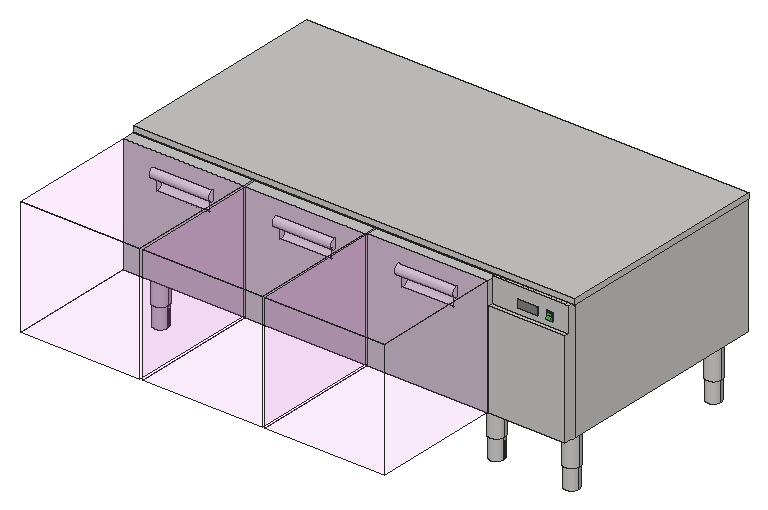
Revit family "QF_ZANUSSI_392601_Z9TTAECOMKNE", category Specialty Equipment, Revit 2021 (continued)
Automatic sketch dimensions
  Split face 33 sketch curve to Split face 33 sketch curve = 0.02 mm  (x2)
  Split face 33 sketch curve to Split face 33 sketch curve = 31.959 mm
  Split face 33 sketch curve to Extrusion 4 = 82.999 mm
  Split face 33 sketch curve to Split face 33 sketch curve = 4 mm
  Split face 34 sketch curve to Extrusion 4 = 94 mm
  Split face 34 sketch curve to Split face 34 sketch curve = 0.02 mm  (x2)
  Split face 34 sketch curve to Split face 34 sketch curve = 31.959 mm
  Split face 34 sketch curve to Extrusion 4 = 71 mm
  Split face 34 sketch curve to Split face 34 sketch curve = 4 mm
  Split face 35 sketch curve to Extrusion 4 = 94 mm
  Split face 35 sketch curve to Split face 35 sketch curve = 0.02 mm  (x2)
  Split face 35 sketch curve to Split face 35 sketch curve = 31.959 mm
  Split face 35 sketch curve to Extrusion 4 = 59 mm
  Split face 35 sketch curve to Split face 35 sketch curve = 4 mm
  Split face 36 sketch curve to Extrusion 4 = 94 mm
  Split face 36 sketch curve to Split face 36 sketch curve = 0.02 mm  (x2)
  Split face 36 sketch curve to Split face 36 sketch curve = 31.959 mm
  Split face 36 sketch curve to Extrusion 4 = 47 mm
  Split face 36 sketch curve to Split face 36 sketch curve = 4 mm
  Split face 37 sketch curve to Extrusion 4 = 31 mm
  Split face 37 sketch curve to Extrusion 4 = 94 mm
  Split face 37 sketch curve to Split face 37 sketch curve = 0.02 mm  (x2)
  Split face 37 sketch curve to Split face 37 sketch curve = 31.959 mm
  Split face 37 sketch curve to Split face 37 sketch curve = 4 mm
  Split face 38 sketch curve to Extrusion 4 = 19 mm
  Split face 38 sketch curve to Extrusion 4 = 94 mm
  Split face 38 sketch curve to Split face 38 sketch curve = 0.02 mm  (x2)
  Split face 38 sketch curve to Split face 38 sketch curve = 31.959 mm
  Split face 38 sketch curve to Split face 38 sketch curve = 4 mm
  Split face 39 sketch curve to Extrusion 4 = 94 mm
  Split face 39 sketch curve to Split face 39 sketch curve = 0.02 mm  (x2)
  Split face 39 sketch curve to Split face 39 sketch curve = 31.959 mm
  Split face 39 sketch curve to Extrusion 4 = 130.896 mm
  Split face 39 sketch curve to Split face 39 sketch curve = 4 mm
  Split face 40 sketch curve to Extrusion 4 = 94 mm
  Split face 40 sketch curve to Split face 40 sketch curve = 0.02 mm  (x2)
  Split face 40 sketch curve to Split face 40 sketch curve = 31.959 mm
  Split face 40 sketch curve to Extrusion 4 = 118.208 mm
  Split face 40 sketch curve to Split face 40 sketch curve = 4 mm
  Split face 41 sketch curve to Extrusion 4 = 94 mm
  Split face 41 sketch curve to Split face 41 sketch curve = 0.02 mm  (x2)
  Split face 41 sketch curve to Split face 41 sketch curve = 31.959 mm
  Split face 41 sketch curve to Extrusion 4 = 130.208 mm
  Split face 41 sketch curve to Split face 41 sketch curve = 4 mm
  Split face 42 sketch curve to Extrusion 4 = 94 mm
  Split face 42 sketch curve to Split face 42 sketch curve = 0.02 mm  (x2)
  Split face 42 sketch curve to Split face 42 sketch curve = 31.959 mm
  Split face 42 sketch curve to Extrusion 4 = 142.208 mm
  Split face 42 sketch curve to Split face 42 sketch curve = 4 mm
  Split face 43 sketch curve to Extrusion 4 = 94 mm
  Split face 43 sketch curve to Split face 43 sketch curve = 0.02 mm  (x2)
  Split face 43 sketch curve to Split face 43 sketch curve = 31.959 mm
  Split face 43 sketch curve to Extrusion 4 = 154.896 mm
  Split face 43 sketch curve to Split face 43 sketch curve = 4 mm
  Split face 44 sketch curve to Extrusion 4 = 94 mm
  Split face 44 sketch curve to Split face 44 sketch curve = 0.02 mm  (x2)
  Split face 44 sketch curve to Split face 44 sketch curve = 31.959 mm
  Split face 44 sketch curve to Extrusion 4 = 142.896 mm
  Split face 44 sketch curve to Split face 44 sketch curve = 4 mm
  Split face 45 sketch curve to Extrusion 4 = 94 mm
  Split face 45 sketch curve to Split face 45 sketch curve = 0.02 mm  (x2)
  Split face 45 sketch curve to Split face 45 sketch curve = 31.959 mm
  Split face 45 sketch curve to Extrusion 4 = 106.208 mm
  Split face 45 sketch curve to Split face 45 sketch curve = 4 mm
  Split face 46 sketch curve to Extrusion 4 = 14.312 mm
  Split face 46 sketch curve to Extrusion 4 = 94 mm
  Split face 46 sketch curve to Split face 46 sketch curve = 0.02 mm  (x2)
  Split face 46 sketch curve to Extrusion 4 = 10.312 mm
  Split face 46 sketch curve to Split face 46 sketch curve = 31.959 mm
  Split face 47 sketch curve to Extrusion 4 = 26.312 mm
  Split face 47 sketch curve to Extrusion 4 = 94 mm
  Split face 47 sketch curve to Split face 47 sketch curve = 0.02 mm  (x2)
  Split face 47 sketch curve to Split face 47 sketch curve = 31.959 mm
  Split face 47 sketch curve to Split face 47 sketch curve = 4 mm
  Split face 48 sketch curve to Extrusion 4 = 38.311 mm
  Split face 48 sketch curve to Extrusion 4 = 94 mm
  Split face 48 sketch curve to Split face 48 sketch curve = 0.02 mm  (x2)
  Split face 48 sketch curve to Split face 48 sketch curve = 31.959 mm
  Split face 48 sketch curve to Split face 48 sketch curve = 4 mm
  Split face 49 sketch curve to Extrusion 4 = 94 mm
  Split face 49 sketch curve to Split face 49 sketch curve = 0.02 mm  (x2)
  Split face 49 sketch curve to Split face 49 sketch curve = 31.959 mm
  Split face 49 sketch curve to Extrusion 4 = 46.209 mm
  Split face 49 sketch curve to Split face 49 sketch curve = 4 mm
  Split face 50 sketch curve to Extrusion 4 = 94 mm
  Split face 50 sketch curve to Split face 50 sketch curve = 0.02 mm  (x2)
  Split face 50 sketch curve to Split face 50 sketch curve = 31.959 mm
  Split face 50 sketch curve to Extrusion 4 = 58.208 mm
  Split face 50 sketch curve to Split face 50 sketch curve = 4 mm
  Split face 51 sketch curve to Extrusion 4 = 94 mm
  Split face 51 sketch curve to Split face 51 sketch curve = 0.02 mm  (x2)
  Split face 51 sketch curve to Split face 51 sketch curve = 31.959 mm
  Split face 51 sketch curve to Extrusion 4 = 70.208 mm
  Split face 51 sketch curve to Split face 51 sketch curve = 4 mm
  Split face 52 sketch curve to Extrusion 4 = 94 mm
  Split face 52 sketch curve to Split face 52 sketch curve = 0.02 mm  (x2)
  Split face 52 sketch curve to Split face 52 sketch curve = 31.959 mm
  Split face 52 sketch curve to Extrusion 4 = 82.208 mm
  Split face 52 sketch curve to Split face 52 sketch curve = 4 mm
  Split face 53 sketch curve to Extrusion 4 = 94 mm
  Split face 53 sketch curve to Split face 53 sketch curve = 0.02 mm  (x2)
  Split face 53 sketch curve to Split face 53 sketch curve = 31.959 mm
  Split face 53 sketch curve to Extrusion 4 = 94.208 mm
  Split face 53 sketch curve to Split face 53 sketch curve = 4 mm
  Split face 54 sketch curve to Extrusion 4 = 149 mm
  Split face 54 sketch curve to Split face 54 sketch curve = 0.02 mm  (x2)
  Split face 54 sketch curve to Split face 54 sketch curve = 31.959 mm
  Split face 54 sketch curve to Extrusion 4 = 118.896 mm
  Split face 54 sketch curve to Split face 54 sketch curve = 4 mm
  Split face 55 sketch curve to Extrusion 4 = 149 mm
  Split face 55 sketch curve to Split face 55 sketch curve = 0.02 mm  (x2)
  Split face 55 sketch curve to Split face 55 sketch curve = 31.959 mm
  Split face 55 sketch curve to Extrusion 4 = 106.896 mm
  Split face 55 sketch curve to Split face 55 sketch curve = 4 mm
  Split face 56 sketch curve to Extrusion 4 = 149 mm
  Split face 56 sketch curve to Split face 56 sketch curve = 0.02 mm  (x2)
  Split face 56 sketch curve to Split face 56 sketch curve = 31.959 mm
  Split face 56 sketch curve to Extrusion 4 = 94.897 mm
  Split face 56 sketch curve to Split face 56 sketch curve = 4 mm
  Split face 57 sketch curve to Extrusion 4 = 149 mm
  Split face 57 sketch curve to Split face 57 sketch curve = 0.02 mm  (x2)
  Split face 57 sketch curve to Split face 57 sketch curve = 31.959 mm
  Split face 57 sketch curve to Extrusion 4 = 82.999 mm
  Split face 57 sketch curve to Split face 57 sketch curve = 4 mm
  Split face 58 sketch curve to Extrusion 4 = 67 mm
  Split face 58 sketch curve to Extrusion 4 = 149 mm
  Split face 58 sketch curve to Split face 58 sketch curve = 0.02 mm  (x2)
  Split face 58 sketch curve to Split face 58 sketch curve = 31.959 mm
  Split face 58 sketch curve to Split face 58 sketch curve = 4 mm
  Split face 59 sketch curve to Extrusion 4 = 55 mm
  Split face 59 sketch curve to Extrusion 4 = 149 mm
  Split face 59 sketch curve to Split face 59 sketch curve = 0.02 mm  (x2)
  Split face 59 sketch curve to Split face 59 sketch curve = 31.959 mm
  Split face 59 sketch curve to Split face 59 sketch curve = 4 mm
  Split face 60 sketch curve to Extrusion 4 = 43 mm
  Split face 60 sketch curve to Extrusion 4 = 149 mm
  Split face 60 sketch curve to Split face 60 sketch curve = 0.02 mm  (x2)
  Split face 60 sketch curve to Split face 60 sketch curve = 31.959 mm
  Split face 60 sketch curve to Split face 60 sketch curve = 4 mm
  Split face 61 sketch curve to Extrusion 4 = 31 mm
  Split face 61 sketch curve to Extrusion 4 = 149 mm
  Split face 61 sketch curve to Split face 61 sketch curve = 0.02 mm  (x2)
  Split face 61 sketch curve to Split face 61 sketch curve = 31.959 mm
  Split face 61 sketch curve to Split face 61 sketch curve = 4 mm
  Split face 62 sketch curve to Extrusion 4 = 19 mm
  Split face 62 sketch curve to Extrusion 4 = 149 mm
  Split face 62 sketch curve to Split face 62 sketch curve = 0.02 mm  (x2)
  Split face 62 sketch curve to Split face 62 sketch curve = 31.959 mm
  Split face 62 sketch curve to Split face 62 sketch curve = 4 mm
  Split face 63 sketch curve to Extrusion 4 = 149 mm
  Split face 63 sketch curve to Split face 63 sketch curve = 0.02 mm  (x2)
  Split face 63 sketch curve to Split face 63 sketch curve = 31.959 mm
  Split face 63 sketch curve to Extrusion 4 = 130.896 mm
  Split face 63 sketch curve to Split face 63 sketch curve = 4 mm
  Split face 64 sketch curve to Extrusion 4 = 149 mm
  Split face 64 sketch curve to Split face 64 sketch curve = 0.02 mm  (x2)
  Split face 64 sketch curve to Split face 64 sketch curve = 31.959 mm
  Split face 64 sketch curve to Extrusion 4 = 118.208 mm
  Split face 64 sketch curve to Split face 64 sketch curve = 4 mm
  Split face 65 sketch curve to Extrusion 4 = 149 mm
  Split face 65 sketch curve to Split face 65 sketch curve = 0.02 mm  (x2)
  Split face 65 sketch curve to Split face 65 sketch curve = 31.959 mm
  Split face 65 sketch curve to Extrusion 4 = 130.208 mm
  Split face 65 sketch curve to Split face 65 sketch curve = 4 mm
  Split face 66 sketch curve to Extrusion 4 = 149 mm
  Split face 66 sketch curve to Split face 66 sketch curve = 0.02 mm  (x2)
  Split face 66 sketch curve to Split face 66 sketch curve = 31.959 mm
  Split face 66 sketch curve to Extrusion 4 = 142.208 mm
  Split face 66 sketch curve to Split face 66 sketch curve = 4 mm
  Split face 67 sketch curve to Extrusion 4 = 149 mm
  Split face 67 sketch curve to Split face 67 sketch curve = 0.02 mm  (x2)
  Split face 67 sketch curve to Split face 67 sketch curve = 31.959 mm
  Split face 67 sketch curve to Extrusion 4 = 154.896 mm
  Split face 67 sketch curve to Split face 67 sketch curve = 4 mm
  Split face 68 sketch curve to Extrusion 4 = 149 mm
  Split face 68 sketch curve to Split face 68 sketch curve = 0.02 mm  (x2)
  Split face 68 sketch curve to Split face 68 sketch curve = 31.959 mm
  Split face 68 sketch curve to Extrusion 4 = 142.896 mm
  Split face 68 sketch curve to Split face 68 sketch curve = 4 mm
  Split face 69 sketch curve to Extrusion 4 = 149 mm
  Split face 69 sketch curve to Split face 69 sketch curve = 0.02 mm  (x2)
  Split face 69 sketch curve to Split face 69 sketch curve = 31.959 mm
  Split face 69 sketch curve to Extrusion 4 = 106.208 mm
  Split face 69 sketch curve to Split face 69 sketch curve = 4 mm
  Split face 70 sketch curve to Extrusion 4 = 14.312 mm
  Split face 70 sketch curve to Extrusion 4 = 149 mm
  Split face 70 sketch curve to Split face 70 sketch curve = 0.02 mm  (x2)
  Split face 70 sketch curve to Extrusion 4 = 10.312 mm
  Split face 70 sketch curve to Split face 70 sketch curve = 31.959 mm
  Split face 71 sketch curve to Extrusion 4 = 26.312 mm
  Split face 71 sketch curve to Extrusion 4 = 149 mm
  Split face 71 sketch curve to Split face 71 sketch curve = 0.02 mm  (x2)
  Split face 71 sketch curve to Split face 71 sketch curve = 31.959 mm
  Split face 71 sketch curve to Split face 71 sketch curve = 4 mm
  Split face 72 sketch curve to Extrusion 4 = 38.311 mm
  Split face 72 sketch curve to Extrusion 4 = 149 mm
  Split face 72 sketch curve to Split face 72 sketch curve = 0.02 mm  (x2)
  Split face 72 sketch curve to Split face 72 sketch curve = 31.959 mm
  Split face 72 sketch curve to Split face 72 sketch curve = 4 mm
  Split face 73 sketch curve to Extrusion 4 = 50.209 mm
  Split face 73 sketch curve to Extrusion 4 = 149 mm
  Split face 73 sketch curve to Split face 73 sketch curve = 0.02 mm  (x2)
  Split face 73 sketch curve to Split face 73 sketch curve = 31.959 mm
  Split face 73 sketch curve to Split face 73 sketch curve = 4 mm
  Split face 74 sketch curve to Extrusion 4 = 62.208 mm
  Split face 74 sketch curve to Extrusion 4 = 149 mm
  Split face 74 sketch curve to Split face 74 sketch curve = 0.02 mm  (x2)
  Split face 74 sketch curve to Split face 74 sketch curve = 31.959 mm
  Split face 74 sketch curve to Split face 74 sketch curve = 4 mm
  Split face 75 sketch curve to Extrusion 4 = 149 mm
  Split face 75 sketch curve to Split face 75 sketch curve = 0.02 mm  (x2)
  Split face 75 sketch curve to Split face 75 sketch curve = 31.959 mm
  Split face 75 sketch curve to Extrusion 4 = 70.208 mm
  Split face 75 sketch curve to Split face 75 sketch curve = 4 mm
  Split face 76 sketch curve to Extrusion 4 = 149 mm
  Split face 76 sketch curve to Split face 76 sketch curve = 0.02 mm  (x2)
  Split face 76 sketch curve to Split face 76 sketch curve = 31.959 mm
  Split face 76 sketch curve to Extrusion 4 = 82.208 mm
  Split face 76 sketch curve to Split face 76 sketch curve = 4 mm
  Split face 77 sketch curve to Extrusion 4 = 149 mm
  Split face 77 sketch curve to Split face 77 sketch curve = 0.02 mm  (x2)
  Split face 77 sketch curve to Split face 77 sketch curve = 31.959 mm
  Split face 77 sketch curve to Extrusion 4 = 94.208 mm
  Split face 77 sketch curve to Split face 77 sketch curve = 4 mm
  Split face 78 sketch curve to Extrusion 4 = 71 mm
  Split face 78 sketch curve to Split face 78 sketch curve = 0.02 mm  (x2)
  Split face 78 sketch curve to Extrusion 4 = 39.021 mm
  Split face 78 sketch curve to Extrusion 4 = 118.896 mm
  Split face 78 sketch curve to Split face 78 sketch curve = 4 mm
  Split face 79 sketch curve to Extrusion 4 = 71 mm
  Split face 79 sketch curve to Split face 79 sketch curve = 0.02 mm  (x2)
  Split face 79 sketch curve to Extrusion 4 = 39.021 mm
  Split face 79 sketch curve to Extrusion 4 = 106.896 mm
  Split face 79 sketch curve to Split face 79 sketch curve = 4 mm
  Split face 80 sketch curve to Extrusion 4 = 71 mm
  Split face 80 sketch curve to Split face 80 sketch curve = 0.02 mm  (x2)
  Split face 80 sketch curve to Extrusion 4 = 39.021 mm
  Split face 80 sketch curve to Extrusion 4 = 94.897 mm
  Split face 80 sketch curve to Split face 80 sketch curve = 4 mm
  Split face 81 sketch curve to Extrusion 4 = 71 mm
  Split face 81 sketch curve to Split face 81 sketch curve = 0.02 mm  (x2)
  Split face 81 sketch curve to Extrusion 4 = 39.021 mm
  Split face 81 sketch curve to Extrusion 4 = 82.999 mm
  Split face 81 sketch curve to Split face 81 sketch curve = 4 mm
  Split face 82 sketch curve to Extrusion 4 = 71 mm  (x2)
  Split face 82 sketch curve to Split face 82 sketch curve = 0.02 mm  (x2)
  Split face 82 sketch curve to Extrusion 4 = 39.021 mm
  Split face 82 sketch curve to Split face 82 sketch curve = 4 mm
  Split face 83 sketch curve to Extrusion 4 = 71 mm
  Split face 83 sketch curve to Split face 83 sketch curve = 0.02 mm  (x2)
  Split face 83 sketch curve to Extrusion 4 = 39.021 mm
  Split face 83 sketch curve to Extrusion 4 = 59 mm
  Split face 83 sketch curve to Split face 83 sketch curve = 4 mm
  Split face 84 sketch curve to Extrusion 4 = 71 mm
  Split face 84 sketch curve to Split face 84 sketch curve = 0.02 mm  (x2)
  Split face 84 sketch curve to Extrusion 4 = 39.021 mm
  Split face 84 sketch curve to Extrusion 4 = 47 mm
  Split face 84 sketch curve to Split face 84 sketch curve = 4 mm
  Split face 85 sketch curve to Extrusion 4 = 31 mm
  Split face 85 sketch curve to Extrusion 4 = 71 mm
  Split face 85 sketch curve to Split face 85 sketch curve = 0.02 mm  (x2)
  Split face 85 sketch curve to Extrusion 4 = 39.021 mm
  Split face 85 sketch curve to Split face 85 sketch curve = 4 mm
  Split face 86 sketch curve to Extrusion 4 = 19 mm
  Split face 86 sketch curve to Extrusion 4 = 71 mm
  Split face 86 sketch curve to Split face 86 sketch curve = 0.02 mm  (x2)
  Split face 86 sketch curve to Extrusion 4 = 39.021 mm
  Split face 86 sketch curve to Split face 86 sketch curve = 4 mm
  Split face 87 sketch curve to Extrusion 4 = 71 mm
  Split face 87 sketch curve to Split face 87 sketch curve = 0.02 mm  (x2)
  Split face 87 sketch curve to Extrusion 4 = 39.021 mm
  Split face 87 sketch curve to Extrusion 4 = 130.896 mm
  Split face 87 sketch curve to Split face 87 sketch curve = 4 mm
  Split face 88 sketch curve to Extrusion 4 = 71 mm
  Split face 88 sketch curve to Split face 88 sketch curve = 0.02 mm  (x2)
  Split face 88 sketch curve to Extrusion 4 = 39.021 mm
  Split face 88 sketch curve to Extrusion 4 = 118.208 mm
  Split face 88 sketch curve to Split face 88 sketch curve = 4 mm
  Split face 89 sketch curve to Extrusion 4 = 71 mm
  Split face 89 sketch curve to Split face 89 sketch curve = 0.02 mm  (x2)
  Split face 89 sketch curve to Extrusion 4 = 39.021 mm
  Split face 89 sketch curve to Extrusion 4 = 130.208 mm
  Split face 89 sketch curve to Split face 89 sketch curve = 4 mm
  Split face 90 sketch curve to Extrusion 4 = 71 mm
  Split face 90 sketch curve to Split face 90 sketch curve = 0.02 mm  (x2)
  Split face 90 sketch curve to Extrusion 4 = 39.021 mm
  Split face 90 sketch curve to Extrusion 4 = 142.208 mm
  Split face 90 sketch curve to Split face 90 sketch curve = 4 mm
  Split face 91 sketch curve to Extrusion 4 = 71 mm
  Split face 91 sketch curve to Split face 91 sketch curve = 0.02 mm  (x2)
  Split face 91 sketch curve to Extrusion 4 = 39.021 mm
  Split face 91 sketch curve to Extrusion 4 = 154.896 mm
  Split face 91 sketch curve to Split face 91 sketch curve = 4 mm
  Split face 92 sketch curve to Extrusion 4 = 71 mm
  Split face 92 sketch curve to Split face 92 sketch curve = 0.02 mm  (x2)
  Split face 92 sketch curve to Extrusion 4 = 39.021 mm
  Split face 92 sketch curve to Extrusion 4 = 142.896 mm
  Split face 92 sketch curve to Split face 92 sketch curve = 4 mm
  Split face 93 sketch curve to Extrusion 4 = 71 mm
  Split face 93 sketch curve to Split face 93 sketch curve = 0.02 mm  (x2)
  Split face 93 sketch curve to Extrusion 4 = 39.021 mm
  Split face 93 sketch curve to Extrusion 4 = 106.208 mm
  Split face 93 sketch curve to Split face 93 sketch curve = 4 mm
  Split face 94 sketch curve to Extrusion 4 = 14.312 mm
  Split face 94 sketch curve to Extrusion 4 = 71 mm
  Split face 94 sketch curve to Split face 94 sketch curve = 0.02 mm  (x2)
  Split face 94 sketch curve to Extrusion 4 = 39.021 mm
  Split face 94 sketch curve to Split face 94 sketch curve = 4 mm
  Split face 95 sketch curve to Extrusion 4 = 26.312 mm
  Split face 95 sketch curve to Extrusion 4 = 71 mm
  Split face 95 sketch curve to Split face 95 sketch curve = 0.02 mm  (x2)
  Split face 95 sketch curve to Extrusion 4 = 39.021 mm
  Split face 95 sketch curve to Split face 95 sketch curve = 4 mm
  Split face 96 sketch curve to Extrusion 4 = 71 mm
  Split face 96 sketch curve to Split face 96 sketch curve = 0.02 mm  (x2)
  Split face 96 sketch curve to Extrusion 4 = 39.021 mm
  Split face 96 sketch curve to Extrusion 4 = 34.312 mm
  Split face 96 sketch curve to Split face 96 sketch curve = 4 mm
  Split face 97 sketch curve to Extrusion 4 = 71 mm
  Split face 97 sketch curve to Split face 97 sketch curve = 0.02 mm  (x2)
  Split face 97 sketch curve to Extrusion 4 = 39.021 mm
  Split face 97 sketch curve to Extrusion 4 = 46.209 mm
  Split face 97 sketch curve to Split face 97 sketch curve = 4 mm
  Split face 98 sketch curve to Extrusion 4 = 71 mm
  Split face 98 sketch curve to Split face 98 sketch curve = 0.02 mm  (x2)
  Split face 98 sketch curve to Extrusion 4 = 39.021 mm
  Split face 98 sketch curve to Extrusion 4 = 58.208 mm
  Split face 98 sketch curve to Split face 98 sketch curve = 4 mm
  Split face 99 sketch curve to Extrusion 4 = 71 mm
  Split face 99 sketch curve to Split face 99 sketch curve = 0.02 mm  (x2)
  Split face 99 sketch curve to Extrusion 4 = 39.021 mm
  Split face 99 sketch curve to Extrusion 4 = 70.208 mm
  Split face 99 sketch curve to Split face 99 sketch curve = 4 mm
  Split face 100 sketch curve to Extrusion 4 = 71 mm
  Split face 100 sketch curve to Split face 100 sketch curve = 0.02 mm  (x2)
  Split face 100 sketch curve to Extrusion 4 = 39.021 mm
  Split face 100 sketch curve to Extrusion 4 = 82.208 mm
  Split face 100 sketch curve to Split face 100 sketch curve = 4 mm
  Split face 101 sketch curve to Extrusion 4 = 71 mm
  Split face 101 sketch curve to Split face 101 sketch curve = 0.02 mm  (x2)
  Split face 101 sketch curve to Extrusion 4 = 39.021 mm
  Split face 101 sketch curve to Extrusion 4 = 94.208 mm
  Split face 101 sketch curve to Split face 101 sketch curve = 4 mm
  curve 2 to plane 6 "BACK" = 0 mm
  curve 6 to plane 7 "FRONT" = 0 mm
  curve 1 to plane 11 = 0 mm
  curve 2 to plane 15 "RIGHT" = 1 mm
  curve 12 to plane 10 = 3.1 mm
  curve 9 to plane 10 = 5.1 mm
  plane 7 "FRONT" to curve 10 = 7.415 mm
  curve 9 to curve 10 = 18 mm
  curve 11 to curve 16 = 2 mm
  plane 7 "FRONT" to curve 13 = 14.8 mm
  curve 12 to curve 13 = 32 mm
  curve 13 to curve 13 = 70 mm
  plane 16 to curve 7 = 52 mm
  plane 14 "LEFT" to curve 1 = 1 mm
  curve 17 to curve 9 = 7.385 mm
  curve 14 to plane 11 = 5.442 mm
  curve 14 to curve 15 = 11.321 mm
  curve 18 to curve 13 = 1.6 mm
  curve 38 to plane 7 "FRONT" = 0 mm
  plane 9 to curve 38 = 52.5 mm
  curve 38 to plane 7 "FRONT" = 17.78 mm
  Extrusion 8 sketch curve to plane 7 "FRONT" = 0 mm  (x3)
  Extrusion 8 sketch curve to plane 13 "TOP" = 90.566 mm
  Extrusion 8 sketch curve to Extrusion 8 sketch curve = 8.275 mm
  Extrusion 9 sketch curve to plane 7 "FRONT" = 0 mm
  Extrusion 9 sketch curve to plane 7 "FRONT" = 2.777 mm
  plane 7 "FRONT" to Extrusion 9 sketch curve = 21.853 mm
  Extrusion 9 sketch curve to plane 11 = 4.5 mm
  Extrusion 9 sketch curve to plane 13 "TOP" = 128.294 mm
  Extrusion 9 sketch curve to Extrusion 9 sketch curve = 18.821 mm
  Extrusion 10 sketch curve to plane 7 "FRONT" = 0 mm  (x3)
  Extrusion 10 sketch curve to plane 13 "TOP" = 90.566 mm
  Extrusion 10 sketch curve to Extrusion 10 sketch curve = 8.275 mm
  Extrusion 11 sketch curve to plane 7 "FRONT" = 0 mm
  Extrusion 11 sketch curve to plane 7 "FRONT" = 2.777 mm
  plane 7 "FRONT" to Extrusion 11 sketch curve = 21.853 mm
  Extrusion 11 sketch curve to plane 11 = 4.5 mm
  Extrusion 11 sketch curve to plane 13 "TOP" = 128.294 mm
  Extrusion 11 sketch curve to Extrusion 11 sketch curve = 18.821 mm
  plane 16 to Extrusion 12 sketch curve = 46.999 mm
  Extrusion 12 sketch curve to plane 16 = 76.7 mm
  Extrusion 12 sketch curve to Extrusion 12 sketch curve = 186.601 mm  (x2)
  plane 3 "Centro (Sinistra/Destra)" to Extrusion 12 sketch curve = 84.999 mm
  Extrusion 12 sketch curve to plane 13 "TOP" = 0.8 mm  (x3)
  Extrusion 12 sketch curve to Extrusion 12 sketch curve = 7.999 mm  (x2)
  Extrusion 12 sketch curve to plane 3 "Centro (Sinistra/Destra)" = 46.699 mm
  Extrusion 12 sketch curve to Extrusion 12 sketch curve = 123.7 mm  (x2)
  plane 9 to Extrusion 12 sketch curve = 64.7 mm
  plane 14 "LEFT" to Extrusion 12 sketch curve = 1 mm
  Extrusion 12 sketch curve to plane 13 "TOP" = 85 mm  (x3)
  Extrusion 12 sketch curve to Extrusion 12 sketch curve = 43.294 mm  (x3)
  Extrusion 12 sketch curve to Extrusion 12 sketch curve = 298.203 mm
  Extrusion 12 sketch curve to Extrusion 12 sketch curve = 297.806 mm
  Extrusion 12 sketch curve to Extrusion 12 sketch curve = 0 mm
  Extrusion 14 sketch curve to plane 7 "FRONT" = 0 mm  (x3)
  Extrusion 14 sketch curve to plane 13 "TOP" = 90.566 mm
  Extrusion 14 sketch curve to Extrusion 14 sketch curve = 8.275 mm
  Extrusion 15 sketch curve to plane 7 "FRONT" = 0 mm
  Extrusion 15 sketch curve to plane 7 "FRONT" = 2.777 mm
  plane 7 "FRONT" to Extrusion 15 sketch curve = 21.853 mm
  Extrusion 15 sketch curve to plane 11 = 4.5 mm
  Extrusion 15 sketch curve to plane 13 "TOP" = 128.294 mm
  Extrusion 15 sketch curve to Extrusion 15 sketch curve = 18.821 mm
  curve 48 to plane 8 = 0 mm
  curve 48 to plane 7 "FRONT" = 0 mm
  curve 29 to plane 7 "FRONT" = 0 mm
  curve 37 to plane 8 = 0 mm
  curve 34 to plane 7 "FRONT" = 0 mm
  curve 34 to plane 8 = 0 mm
  plane 16 to curve 48 = 46.999 mm
  curve 49 to plane 11 = 4.499 mm
  curve 43 to plane 7 "FRONT" = 17.78 mm
  curve 43 to plane 16 = 64.501 mm
  plane 3 "Centro (Sinistra/Destra)" to curve 45 = 196.499 mm
  plane 3 "Centro (Sinistra/Destra)" to curve 41 = 84.999 mm
  curve 41 to curve 29 = 7.999 mm
  curve 25 to plane 3 "Centro (Sinistra/Destra)" = 34.5 mm
  curve 31 to plane 7 "FRONT" = 17.78 mm
  curve 25 to curve 31 = 211 mm
  curve 24 to curve 35 = 111.5 mm
  curve 22 to curve 23 = 7.999 mm
  curve 26 to plane 7 "FRONT" = 17.78 mm
  curve 23 to curve 26 = 111.501 mm
  plane 14 "LEFT" to curve 27 = 1 mm
  curve 20 to plane 11 = 4.499 mm
  curve 21 to plane 11 = 4.499 mm
  plane 9 to curve 30 = 52.5 mm
  plane 14 "LEFT" to Extrusion 13 sketch curve = 1 mm
  plane 12 to Extrusion 13 sketch curve = 3.503 mm
  Extrusion 13 sketch curve to plane 3 "Centro (Sinistra/Destra)" = 364.999 mm
  Extrusion 13 sketch curve to plane 13 "TOP" = 0.8 mm  (x3)
  Extrusion 13 sketch curve to Extrusion 13 sketch curve = 7.999 mm  (x2)
  plane 3 "Centro (Sinistra/Destra)" to Extrusion 13 sketch curve = 77 mm
  plane 16 to Extrusion 13 sketch curve = 46.999 mm
  Extrusion 13 sketch curve to Extrusion 13 sketch curve = 425.3 mm
  Extrusion 13 sketch curve to Extrusion 13 sketch curve = 425.697 mm
  radius of Extrusion 2 sketch curve = 12 mm
Nested families
  nested 1: "Foot_Ø50_H200" at (-944, 325.95, 0), type "Foot_Ø50_H200"
  nested 2: "Foot_Ø50_H200" at (-944, -316.05, 0), type "Foot_Ø50_H200"
  nested 3: "Foot_Ø50_H200" at (272, -316.05, 0), type "Foot_Ø50_H200"
  nested 4: "Foot_Ø50_H200" at (272, 325.95, 0), type "Foot_Ø50_H200"
  nested 5: "Foot_Ø50_H200" at (544, 325.95, 0), type "Foot_Ø50_H200"
  nested 6: "Foot_Ø50_H200" at (544, -316.05, 0), type "Foot_Ø50_H200"
  nested 7: "Foot_Ø50_H200" at (-944, -315.05, 0), type "Foot_Ø50_H200"
  nested 8: "Foot_Ø50_H200" at (272, -315.05, 0), type "Foot_Ø50_H200"
Connectors
  electrical at (559, 223.95, 190), driven by "Volts"
    settings: on Extrusion 2, index 2, voltage 220 V, apparent load 0 VA, apparent load phase1 0 VA, apparent load phase2 0 VA, apparent load phase3 0 VA, power factor 1, load classification "Altro", number of poles 1, system type 30, power factor state 1, is connector primary yes, connector utility no, sub classification motor no, connector description "Electrical Connection"
Definition of nested family "Foot_Ø50_H200"
  Parameters
    Default Elevation = 0 mm
  Reference planes
    plane 1 "Centro (Fronte/Retro)": y = 0
    plane 2: z = 0
    plane 3 "Centro (Sinistra/Destra)": x = 0
    plane 4: z = 200
  Forms (mm)
    Revolve 1, solid
      sketch origin (255.05, 0, 608.09) x (0, 0, 1) y (-1, 0, 0)
        loop
          line (-608.09, 255.05) -> (-608.09, 230.05) -> (-533.09, 230.05) -> (-533.09, 226.05) -> (-408.09, 226.05) -> (-408.09, 255.05) -> (-608.09, 255.05)
        axis (-608.09, 255.05) -> (-408.09, 255.05)
      angle from 0 to 360
  Dimensions and locks
    locked: Revolve 1 sketch curve to Revolve 1 sketch curve at 125
    aligned and locked: level to plane 2
    aligned and locked: plane 4 to Revolve 1 sketch curve
    aligned and locked: Revolve 1 sketch curve to level
    aligned and locked: plane 3 "Centro (Sinistra/Destra)" to Revolve 1 sketch curve
